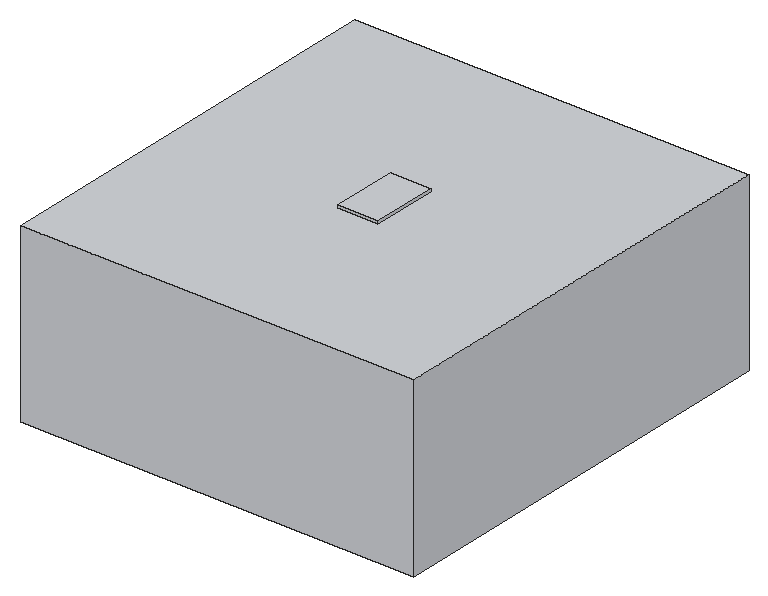
Revit family "M_Tomada de telefone - Dados", category Dispositivos de telefonia, Revit 2019
Family settings
  Hospedeiro = Face
  Manter orientação da anotação = Sim
  Cota do conector redondo = Utilizar diâmetro
  Tipo de parte = Normal
  Número OmniClass = 23.85.50.14
  Título OmniClass = Telephone and Intercommunication Equipment
  ID de item do Seek = Telephone Outlet - Data-0000-CAN-ENU
  Corte com vazios quando carregada = Não
  Compartilhado = Não
  Ponto de cálculo do ambiente = Não
Parameters (values of type "Simples")
  Legenda = ""
  Elevação-padrão = 460 mm
  Assembly Code = ""
Reference planes
  plane 1 "Centro (Frente/Trás)": y = 857.25
  plane 2: z = 0
  plane 3 "Centro (Esquerda/Direita)": x = -879.475
  plane 4: y = 914.4
  plane 5: y = 800.1
  plane 6: x = -914.4
  plane 7: x = -844.55
  plane 8: x = -898.525
  plane 9: x = -860.425
  plane 10: y = 895.35
  plane 11: y = 819.15
  plane 12: z = 4.763
  plane 13: z = -53.975
Forms (mm)
  Extrusion 1, solid
    sketch origin (0, 0, 0) x (1, 0, 0) y (0, 1, 0)
      loop
        line (-1219.2, 1219.2) -> (-1219.2, 495.3) -> (-539.75, 495.3) -> (-539.75, 1219.2) -> (-1219.2, 1219.2)
    from 0 to -304.8
  Extrusion 2, solid
    sketch origin (-97.92, -714.975, 0) x (1, 0, 0) y (0, 1, 0)
      loop
        line (-816.48, 1629.375) -> (-816.48, 1515.075) -> (-746.63, 1515.075) -> (-746.63, 1629.375) -> (-816.48, 1629.375)
    from 0 to 4.763
  Extrusion 3, solid
    sketch origin (0, 0, 0) x (1, 0, 0) y (0, 1, 0)
      loop
        line (-898.525, 895.35) -> (-898.525, 819.15) -> (-860.425, 819.15) -> (-860.425, 895.35) -> (-898.525, 895.35)
    from 0 to -53.975
Lines and regions (mm)
  symbolic lines, detail levels fine
    curve 1: line (-844.55, 857.25, 0) -> (-914.4, 857.25, 0)
    curve 2: line (-844.55, 857.25, 4.762) -> (-844.55, 857.25, 0)
    curve 3: line (-914.4, 857.25, 4.762) -> (-844.55, 857.25, 4.762)
    curve 4: line (-914.4, 857.25, 0) -> (-914.4, 857.25, 4.762)
    curve 5: line (-860.425, 857.25, -53.975) -> (-898.525, 857.25, -53.975)
    curve 6: line (-860.425, 857.25, 0) -> (-860.425, 857.25, -53.975)
    curve 7: line (-898.525, 857.25, -53.975) -> (-898.525, 857.25, 0)
Dimensions and locks
  equal spacing: plane 6, plane 3 "Centro (Esquerda/Direita)", plane 7
  locked: plane 6 to plane 7 at 69.85
  equal spacing: plane 4, plane 1 "Centro (Frente/Trás)", plane 5
  locked: plane 4 to plane 5 at 114.3
  equal spacing: plane 8, plane 3 "Centro (Esquerda/Direita)", plane 9
  locked: plane 8 to plane 9 at 38.1
  equal spacing: plane 10, plane 1 "Centro (Frente/Trás)", plane 11
  locked: plane 10 to plane 11 at 76.2
  locked: plane 12 to level at 4.762
  locked: level to plane 13 at 53.975
  aligned and locked: plane 2 to Extrusion 1
  aligned and locked: level to Extrusion 1
  aligned and locked: plane 4 to Extrusion 2
  aligned and locked: Extrusion 2 to plane 5
  aligned and locked: Extrusion 2 to plane 6
  aligned and locked: plane 7 to Extrusion 2
  aligned and locked: plane 8 to Extrusion 3 sketch curve
  aligned and locked: Extrusion 3 sketch curve to plane 10
  aligned and locked: plane 11 to Extrusion 3 sketch curve
  aligned and locked: Extrusion 3 sketch curve to plane 9
  aligned and locked: plane 12 to Extrusion 2
  aligned and locked: plane 13 to Extrusion 3
  aligned and locked: Extrusion 2 to Extrusion 1
  aligned and locked: Extrusion 1 to Extrusion 3
  aligned and locked: curve 4 to plane 6
  aligned and locked: plane 7 to curve 2
  aligned and locked: curve 3 to plane 12
  aligned and locked: plane 2 to curve 1
  aligned and locked: curve 7 to plane 8
  aligned and locked: plane 9 to curve 6
  aligned and locked: plane 13 to curve 5
Automatic sketch dimensions
  plane 6 to Extrusion 2 sketch curve = 0 mm
  Extrusion 2 sketch curve to Extrusion 2 sketch curve = 69.85 mm
  Extrusion 2 sketch curve to plane 4 = 114.3 mm
  Extrusion 2 sketch curve to Extrusion 2 sketch curve = 114.3 mm
  Extrusion 1 sketch curve to Extrusion 1 sketch curve = 679.45 mm
  Extrusion 1 sketch curve to Extrusion 1 sketch curve = 723.9 mm
Nested families
  nested 1: "M_Telefone - Anotação de dados" at (-879.475, 857.25, 0), type "M_Telefone - Anotação de dados", detail levels coarse+medium
Connectors
  electrical at (-879.475, 895.35, -26.988)
    settings: on Extrusion 3, index 1, voltage 0 V, apparent load 0 VA, apparent load phase1 0 VA, apparent load phase2 0 VA, apparent load phase3 0 VA, power factor 1, load classification "Outros", number of poles 1, system type 9, power factor state 1, is connector primary yes, connector utility no, sub classification motor no, connector description ""
  electrical at (-879.475, 857.25, -53.975)
    settings: on Extrusion 3, index 2, voltage 0 V, apparent load 0 VA, apparent load phase1 0 VA, apparent load phase2 0 VA, apparent load phase3 0 VA, power factor 1, load classification "Outros", number of poles 1, system type 5, power factor state 1, is connector primary no, connector utility no, sub classification motor no, connector description ""
Definition of nested family "M_Telefone - Anotação de dados"
  Parameters
    Legenda = ""
  Reference planes
    plane 1: y = 0
    plane 2: x = 0
  Lines and regions (mm)
    Filled region 1, type "Preto sólido"
      outline origin (0, 0, 0) x (1, 0, 0) y (0, 1, 0)
        loop
          line (0, 0) -> (0, 3.175) -> (-1.984, 3.175) -> (0, 0)
    detail lines
      curve 1: line (0, 3.175, 0) -> (1.991, 3.175, 0)
      curve 2: line (1.991, 3.175, 0) -> (0, 0, 0)
      curve 3: line (0, 0, 0) -> (0, 3.175, 0)
  Text (mm)
    label "W" at (2.862, -0.051, 0), shows "Legenda"
